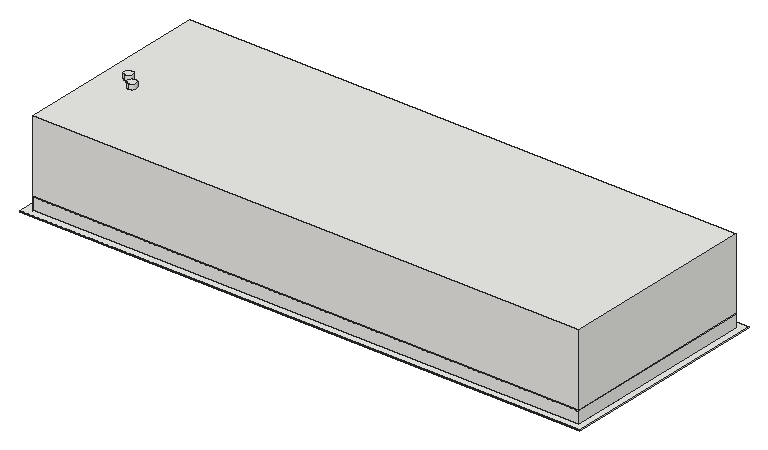
Revit family "AIRTECNICS_AIR CURTAIN_RECESSED WINDBOX_MG_WATER HEATED (P)_0", category Mechanical Equipment, Revit 2016 (continued)
Definition of nested family "GEOM_WINDBOX_P_RECESSED"
  Automatic sketch dimensions
    Extrusion 11 sketch curve to plane 4 = 0.0 mm
    Extrusion 11 sketch curve to plane 8 = 10.0 mm
    Extrusion 12 sketch curve to plane 24 = 0.0 mm
    Extrusion 12 sketch curve to plane 4 = 0.0 mm
    Extrusion 12 sketch curve to plane 7 = 0.0 mm
    Extrusion 12 sketch curve to plane 7 = 10.0 mm
    Sweep 19 sketch curve to profile plane = 0.0 mm
    Sweep 19 sketch curve to Sweep 19 sketch curve = 0.0 mm  (x2)
    plane 24 to Extrusion 20 sketch curve = 20.494 mm  (x2)
    Extrusion 20 sketch curve to plane 11 = 41.908 mm
    plane 24 to Extrusion 20 sketch curve = 1.964 mm  (x6)
    Extrusion 20 sketch curve to Extrusion 20 sketch curve = 3.179 mm
    Extrusion 20 sketch curve to Extrusion 20 sketch curve = 1.478 mm  (x3)
    Extrusion 20 sketch curve to Extrusion 20 sketch curve = 4.657 mm  (x5)
    Extrusion 20 sketch curve to Extrusion 20 sketch curve = 16.188 mm
    Extrusion 20 sketch curve to plane 11 = 13.228 mm
    plane 11 to Extrusion 20 sketch curve = 9.843 mm
    plane 11 to Extrusion 20 sketch curve = 13.022 mm
    Extrusion 20 sketch curve to Extrusion 20 sketch curve = 0.254 mm  (x3)
    Extrusion 20 sketch curve to Extrusion 20 sketch curve = 18.53 mm
    Extrusion 20 sketch curve to Extrusion 20 sketch curve = 0.0 mm
    Extrusion 20 sketch curve to Extrusion 20 sketch curve = 0.799 mm  (x3)
    plane 1 "Centro (Frontal/Posterior)" to Extrusion 24 sketch curve = 21.764 mm
    Extrusion 24 sketch curve to plane 11 = 43.471 mm
    plane 24 to Extrusion 24 sketch curve = 3.073 mm
    Extrusion 24 sketch curve to Extrusion 24 sketch curve = 3.028 mm
    Extrusion 24 sketch curve to Extrusion 24 sketch curve = 3.961 mm
    Extrusion 24 sketch curve to Extrusion 24 sketch curve = 2.97 mm
    plane 24 to Extrusion 24 sketch curve = 0.496 mm
    Extrusion 24 sketch curve to plane 11 = 11.527 mm
    Extrusion 24 sketch curve to plane 11 = 9.49 mm
    plane 24 to Extrusion 24 sketch curve = 3.107 mm
    Extrusion 24 sketch curve to Extrusion 24 sketch curve = 2.975 mm
    Extrusion 24 sketch curve to Extrusion 24 sketch curve = 0.557 mm
    Extrusion 24 sketch curve to Extrusion 24 sketch curve = 4.0 mm
    Extrusion 24 sketch curve to Extrusion 24 sketch curve = 3.966 mm
    Extrusion 24 sketch curve to Extrusion 24 sketch curve = 0.0 mm  (x2)
    plane 1 "Centro (Frontal/Posterior)" to Extrusion 45 sketch curve = 21.764 mm
    Extrusion 45 sketch curve to plane 11 = 43.471 mm
    plane 24 to Extrusion 45 sketch curve = 3.073 mm
    Extrusion 45 sketch curve to Extrusion 45 sketch curve = 3.028 mm
    Extrusion 45 sketch curve to Extrusion 45 sketch curve = 3.961 mm
    Extrusion 45 sketch curve to Extrusion 45 sketch curve = 2.97 mm
    plane 24 to Extrusion 45 sketch curve = 0.496 mm
    Extrusion 45 sketch curve to plane 11 = 11.527 mm
    Extrusion 45 sketch curve to plane 11 = 9.49 mm
    plane 24 to Extrusion 45 sketch curve = 3.107 mm
    Extrusion 45 sketch curve to Extrusion 45 sketch curve = 2.975 mm
    Extrusion 45 sketch curve to Extrusion 45 sketch curve = 0.557 mm
    Extrusion 45 sketch curve to Extrusion 45 sketch curve = 4.0 mm
    Extrusion 45 sketch curve to Extrusion 45 sketch curve = 3.966 mm
    Extrusion 45 sketch curve to Extrusion 45 sketch curve = 0.0 mm  (x2)
    Extrusion 46 sketch curve to Extrusion 46 sketch curve = 0.0 mm  (x40)
    level to Extrusion 46 sketch curve = 0.881 mm  (x10)
    plane 20 to Extrusion 46 sketch curve = 4.0 mm
    plane 24 to Extrusion 46 sketch curve = 0.179 mm  (x10)
    Extrusion 46 sketch curve to Extrusion 46 sketch curve = 0.07 mm  (x10)
    plane 20 to Extrusion 46 sketch curve = 4.744 mm
    plane 24 to Extrusion 46 sketch curve = 2.811 mm  (x10)
    Extrusion 46 sketch curve to plane 13 = 7.561 mm
    plane 24 to Extrusion 46 sketch curve = 1.787 mm  (x10)
    plane 13 to Extrusion 46 sketch curve = 6.25 mm
    plane 13 to Extrusion 46 sketch curve = 6.4 mm
    Extrusion 46 sketch curve to Extrusion 46 sketch curve = 0.594 mm  (x8)
    Extrusion 46 sketch curve to Extrusion 46 sketch curve = 0.8 mm  (x12)
    plane 13 to Extrusion 46 sketch curve = 7.7 mm
    Extrusion 46 sketch curve to Extrusion 46 sketch curve = 1.007 mm  (x8)
    Extrusion 46 sketch curve to Extrusion 46 sketch curve = 1.3 mm  (x8)
    Extrusion 46 sketch curve to Extrusion 46 sketch curve = 8.369 mm  (x9)
    Extrusion 46 sketch curve to Extrusion 46 sketch curve = 13.01 mm  (x7)
    Extrusion 46 sketch curve to Extrusion 46 sketch curve = 0.08 mm  (x7)
    plane 24 to Extrusion 46 sketch curve = 14.344 mm  (x9)
    plane 24 to Extrusion 46 sketch curve = 13.319 mm  (x9)
    Extrusion 46 sketch curve to Extrusion 46 sketch curve = 0.5 mm  (x2)
    Extrusion 46 sketch curve to Extrusion 46 sketch curve = 13.961 mm  (x2)
    Extrusion 46 sketch curve to Extrusion 46 sketch curve = 0.999 mm
    Extrusion 46 sketch curve to Extrusion 46 sketch curve = 1.743 mm
    Extrusion 46 sketch curve to Extrusion 46 sketch curve = 0.658 mm
    Extrusion 46 sketch curve to Extrusion 46 sketch curve = 8.732 mm  (x10)
    plane 7 to Extrusion 47 sketch curve = 2.0 mm
    plane 8 to Extrusion 47 sketch curve = 2.0 mm
    plane 20 to Extrusion 47 sketch curve = 1.976 mm
    Extrusion 47 sketch curve to plane 5 = 486.1 mm
    Extrusion 2 sketch curve to plane 11 = 55.1 mm
    plane 7 to Extrusion 21 sketch curve = 1.0 mm
    plane 8 to Extrusion 21 sketch curve = 1.0 mm
    Extrusion 5 sketch curve to plane 3 "Centro (Izquierda/Derecha)" = 0.0 mm
    Extrusion 5 sketch curve to plane 11 = 0.0 mm
    plane 1 "Centro (Frontal/Posterior)" to Extrusion 23 sketch curve = 4.0 mm
    Extrusion 23 sketch curve to plane 11 = 42.0 mm
    Extrusion 25 sketch curve to plane 11 = 43.471 mm
    plane 24 to Extrusion 25 sketch curve = 0.496 mm
    Extrusion 26 sketch curve to plane 11 = 43.471 mm
    plane 24 to Extrusion 26 sketch curve = 0.496 mm
    Extrusion 18 sketch curve to plane 7 = 25.0 mm
    Extrusion 16 sketch curve to plane 17 "P2-01" = 0.0 mm
    Extrusion 16 sketch curve to plane 19 "P2-03" = 0.0 mm
    Extrusion 17 sketch curve to plane 14 = 0.0 mm
    Extrusion 17 sketch curve to plane 15 "P1-01" = 0.0 mm
Types (16, lengths in mm): name | Weight | Water Flow Connector | Water Drop Pressure | Water Coil Volume | Product Size | Product Reference | Product Description | Power Fans Factor | Power Fans | Noise Level (dB(A)) | M | Length | Heating Capacity | G | EC | Current Fans | L | CT | CM | Apparent Load | Airflow
  WINDBOX RM 2500 P | 153.00 kg | 1.2 m³/h | 3810.0 Pa | 2.6 L | "2500" | "RM 2500 P86" | "Self-supporting casing construction made of galvanized steel plate, ready to be installed recessed in a false ceiling. \r\nInlet grille (free of maintenance) made with aluminium profiles and blow-out nozzle, integrated in a single white frame colour RAL 9016. Other colours are available on request. \r\nAnodized aluminium outlet vanes, airfoil shaped, adjustable in both directions.\r\nDouble-inlet centrifugal fans driven by an external rotor motor and low noise level. 5-speed selector. \r\n“P” type with water heated coil. \r\nIncludes Plug&Play control with 7m RJ45 cable and infrared remote control. Optional: Clever control (programmable, automatic, intelligent, energy saving, Modbus RTU for BMS…)\r\nAir Volume: 4150 m3/h \r\nFans:  1,07 kW  4,75 A 230Vx1 50Hz\r\nHeating power: 26,92 kW (80/60ºC)\r\nDimensions: 770x310x2550 mm (depth, height, length)" | 0.98 | 1.07 kW | 59 | yes | 2550.0 | 26.92 kW | no | no | 4.75 A | 2500.0 | 16 | 2 | 541 VA | 4150 m³/h
  WINDBOX RM 2000 P | 122.00 kg | 0.9 m³/h | 1930.0 Pa | 2.1 L | "2000" | "RM 2000 P86" | "Self-supporting casing construction made of galvanized steel plate, ready to be installed recessed in a false ceiling. \r\nInlet grille (free of maintenance) made with aluminium profiles and blow-out nozzle, integrated in a single white frame colour RAL 9016. Other colours are available on request. \r\nAnodized aluminium outlet vanes, airfoil shaped, adjustable in both directions.\r\nDouble-inlet centrifugal fans driven by an external rotor motor and low noise level. 5-speed selector. \r\n“P” type with water heated coil. \r\nIncludes Plug&Play control with 7m RJ45 cable and infrared remote control. Optional: Clever control (programmable, automatic, intelligent, energy saving, Modbus RTU for BMS…)\r\nAir Volume: 3320 m3/h \r\nFans:  0,856 kW  3,8 A 230Vx1 50Hz\r\nHeating power: 20,65 kW (80/60ºC)\r\nDimensions: 770x310x2050 mm (depth, height, length)" | 0.98 | 0.856 kW | 58 | yes | 2050.0 | 20.65 kW | no | no | 3.8 A | 2000.0 | 8 | 2 | 433 VA | 3320 m³/h
  WINDBOX RM 1500 P | 93.00 kg | 0.6 m³/h | 760.0 Pa | 1.5 L | "1500" | "RM 1500 P86" | "Self-supporting casing construction made of galvanized steel plate, ready to be installed recessed in a false ceiling. \r\nInlet grille (free of maintenance) made with aluminium profiles and blow-out nozzle, integrated in a single white frame colour RAL 9016. Other colours are available on request. \r\nAnodized aluminium outlet vanes, airfoil shaped, adjustable in both directions.\r\nDouble-inlet centrifugal fans driven by an external rotor motor and low noise level. 5-speed selector. \r\n“P” type with water heated coil. \r\nIncludes Plug&Play control with 7m RJ45 cable and infrared remote control. Optional: Clever control (programmable, automatic, intelligent, energy saving, Modbus RTU for BMS…)\r\nAir Volume: 2490 m3/h \r\nFans:  0,642 kW  2,85 A 230Vx1 50Hz\r\nHeating power: 14,26 kW (80/60ºC)\r\nDimensions: 770x310x1550 mm (depth, height, length)" | 0.98 | 0.642 kW | 57 | yes | 1550.0 | 14.26 kW | no | no | 2.85 A | 1500.0 | 4 | 2 | 324 VA | 2490 m³/h
  WINDBOX RM 1000 P | 63.00 kg | 0.4 m³/h | 880.0 Pa | 0.9 L | "1000" | "RM 1000 P86" | "Self-supporting casing construction made of galvanized steel plate, ready to be installed recessed in a false ceiling. \r\nInlet grille (free of maintenance) made with aluminium profiles and blow-out nozzle, integrated in a single white frame colour RAL 9016. Other colours are available on request. \r\nAnodized aluminium outlet vanes, airfoil shaped, adjustable in both directions.\r\nDouble-inlet centrifugal fans driven by an external rotor motor and low noise level. 5-speed selector. \r\n“P” type with water heated coil. \r\nIncludes Plug&Play control with 7m RJ45 cable and infrared remote control. Optional: Clever control (programmable, automatic, intelligent, energy saving, Modbus RTU for BMS…)\r\nAir Volume: 1660 m3/h \r\nFans:  0,428 kW  1,9 A 230Vx1 50Hz\r\nHeating power: 9,17 kW (80/60ºC)\r\nDimensions: 770x310x1050 mm (depth, height, length)" | 0.98 | 0.428 kW | 56 | yes | 1050.0 | 9.17 kW | no | no | 1.9 A | 1000.0 | 2 | 2 | 216 VA | 1660 m³/h
  WINDBOX RG 2500 P | 163.00 kg | 1.4 m³/h | 4930.0 Pa | 2.6 L | "2500" | "RG 2500 P86" | "Self-supporting casing construction made of galvanized steel plate, ready to be installed recessed in a false ceiling. \r\nInlet grille (free of maintenance) made with aluminium profiles and blow-out nozzle, integrated in a single white frame colour RAL 9016. Other colours are available on request. \r\nAnodized aluminium outlet vanes, airfoil shaped, adjustable in both directions.\r\nDouble-inlet centrifugal fans driven by an external rotor motor and low noise level. 5-speed selector. \r\n“P” type with water heated coil. \r\nIncludes Plug&Play control with 7m RJ45 cable and infrared remote control. Optional: Clever control (programmable, automatic, intelligent, energy saving, Modbus RTU for BMS…)\r\nAir Volume: 5250 m3/h \r\nFans:  1,498 kW  6,65 A 230Vx1 50Hz\r\nHeating power: 31,16 kW (80/60ºC)\r\nDimensions: 770x310x2550 mm (depth, height, length)" | 0.98 | 1.498 kW | 60 | no | 2550.0 | 31.16 kW | yes | no | 6.65 A | 2500.0 | 16 | 8 | 1529 VA | 5250 m³/h
  WINDBOX RG 2000 P | 131.00 kg | 1.1 m³/h | 2700.0 Pa | 2.1 L | "2000" | "RG 2000 P86" | "Self-supporting casing construction made of galvanized steel plate, ready to be installed recessed in a false ceiling. \r\nInlet grille (free of maintenance) made with aluminium profiles and blow-out nozzle, integrated in a single white frame colour RAL 9016. Other colours are available on request. \r\nAnodized aluminium outlet vanes, airfoil shaped, adjustable in both directions.\r\nDouble-inlet centrifugal fans driven by an external rotor motor and low noise level. 5-speed selector. \r\n“P” type with water heated coil. \r\nIncludes Plug&Play control with 7m RJ45 cable and infrared remote control. Optional: Clever control (programmable, automatic, intelligent, energy saving, Modbus RTU for BMS…)\r\nAir Volume: 4500 m3/h \r\nFans:  1,284 kW  5,7 A 230Vx1 50Hz\r\nHeating power: 24,92 kW (80/60ºC)\r\nDimensions: 770x310x2050 mm (depth, height, length)" | 0.98 | 1.284 kW | 59 | no | 2050.0 | 24.92 kW | yes | no | 5.7 A | 2000.0 | 8 | 8 | 1310 VA | 4500 m³/h
  WINDBOX RG 1500 P | 98.00 kg | 0.7 m³/h | 940.0 Pa | 1.5 L | "1500" | "RG 1500 P86" | "Self-supporting casing construction made of galvanized steel plate, ready to be installed recessed in a false ceiling. \r\nInlet grille (free of maintenance) made with aluminium profiles and blow-out nozzle, integrated in a single white frame colour RAL 9016. Other colours are available on request. \r\nAnodized aluminium outlet vanes, airfoil shaped, adjustable in both directions.\r\nDouble-inlet centrifugal fans driven by an external rotor motor and low noise level. 5-speed selector. \r\n“P” type with water heated coil. \r\nIncludes Plug&Play control with 7m RJ45 cable and infrared remote control. Optional: Clever control (programmable, automatic, intelligent, energy saving, Modbus RTU for BMS…)\r\nAir Volume: 3000 m3/h \r\nFans:  0,856 kW  3,8 A 230Vx1 50Hz\r\nHeating power: 16,02 kW (80/60ºC)\r\nDimensions: 770x310x1550 mm (depth, height, length)" | 0.98 | 0.856 kW | 58 | no | 1550.0 | 16.02 kW | yes | no | 3.8 A | 1500.0 | 4 | 8 | 873 VA | 3000 m³/h
  WINDBOX RG 1000 P | 67.00 kg | 0.5 m³/h | 1230.0 Pa | 0.9 L | "1000" | "RG 1000 P86" | "Self-supporting casing construction made of galvanized steel plate, ready to be installed recessed in a false ceiling. \r\nInlet grille (free of maintenance) made with aluminium profiles and blow-out nozzle, integrated in a single white frame colour RAL 9016. Other colours are available on request. \r\nAnodized aluminium outlet vanes, airfoil shaped, adjustable in both directions.\r\nDouble-inlet centrifugal fans driven by an external rotor motor and low noise level. 5-speed selector. \r\n“P” type with water heated coil. \r\nIncludes Plug&Play control with 7m RJ45 cable and infrared remote control. Optional: Clever control (programmable, automatic, intelligent, energy saving, Modbus RTU for BMS…)\r\nAir Volume: 2250 m3/h \r\nFans:  0,642 kW  2,85 A 230Vx1 50Hz\r\nHeating power: 11,04 kW (80/60ºC)\r\nDimensions: 770x310x1050 mm (depth, height, length)" | 0.98 | 0.642 kW | 57 | no | 1050.0 | 11.04 kW | yes | no | 2.85 A | 1000.0 | 2 | 8 | 655 VA | 2250 m³/h
  WINDBOX RECM 2500 P | 153.00 kg | 1.2 m³/h | 3960.0 Pa | 2.6 L | "2500" | "RECM 2500 P86" | "Self-supporting casing construction made of galvanized steel plate, ready to be installed recessed in a false ceiling. \r\nInlet grille (free of maintenance) made with aluminium profiles and blow-out nozzle, integrated in a single white frame colour RAL 9016. Other colours are available on request. \r\nAnodized aluminium outlet vanes, airfoil shaped, adjustable in both directions.\r\nDouble-inlet centrifugal fans driven by an external rotor motor and low noise level. 5-speed selector. EC models assembled with very low consumption efficiency fans. \r\n“P” type with water heated coil. \r\nIncludes Plug&Play control with 7m RJ45 cable and infrared remote control. Optional: Clever control (programmable, automatic, intelligent, energy saving, Modbus RTU for BMS…)\r\nAir Volume: 4300 m3/h \r\nFans:  0,355 kW  3,1 A 230Vx1 50/60Hz\r\nHeating power: 27,53 kW (80/60ºC)\r\nDimensions: 770x310x2550 mm (depth, height, length)" | 0.98 | 0.355 kW | 59 | yes | 2550.0 | 27.53 kW | no | yes | 3.1 A | 2500.0 | 16 | 6 | 710 VA | 4300 m³/h
  WINDBOX RECM 2000 P | 122.00 kg | 0.9 m³/h | 2010.0 Pa | 2.1 L | "2000" | "RECM 2000 P86" | "Self-supporting casing construction made of galvanized steel plate, ready to be installed recessed in a false ceiling. \r\nInlet grille (free of maintenance) made with aluminium profiles and blow-out nozzle, integrated in a single white frame colour RAL 9016. Other colours are available on request. \r\nAnodized aluminium outlet vanes, airfoil shaped, adjustable in both directions.\r\nDouble-inlet centrifugal fans driven by an external rotor motor and low noise level. 5-speed selector. EC models assembled with very low consumption efficiency fans. \r\n“P” type with water heated coil. \r\nIncludes Plug&Play control with 7m RJ45 cable and infrared remote control. Optional: Clever control (programmable, automatic, intelligent, energy saving, Modbus RTU for BMS…)\r\nAir Volume: 3440 m3/h \r\nFans:  0,284 kW  2,48 A 230Vx1 50/60Hz\r\nHeating power: 21,12 kW (80/60ºC)\r\nDimensions: 770x310x2050 mm (depth, height, length)" | 0.98 | 0.284 kW | 58 | yes | 2050.0 | 21.12 kW | no | yes | 2.48 A | 2000.0 | 8 | 6 | 568 VA | 3440 m³/h
  WINDBOX RECM 1500 P | 93.00 kg | 0.6 m³/h | 790.0 Pa | 1.5 L | "1500" | "RECM 1500 P86" | "Self-supporting casing construction made of galvanized steel plate, ready to be installed recessed in a false ceiling. \r\nInlet grille (free of maintenance) made with aluminium profiles and blow-out nozzle, integrated in a single white frame colour RAL 9016. Other colours are available on request. \r\nAnodized aluminium outlet vanes, airfoil shaped, adjustable in both directions.\r\nDouble-inlet centrifugal fans driven by an external rotor motor and low noise level. 5-speed selector. EC models assembled with very low consumption efficiency fans. \r\n“P” type with water heated coil. \r\nIncludes Plug&Play control with 7m RJ45 cable and infrared remote control. Optional: Clever control (programmable, automatic, intelligent, energy saving, Modbus RTU for BMS…)\r\nAir Volume: 2580 m3/h \r\nFans:  0,213 kW  1,86 A 230Vx1 50/60Hz\r\nHeating power: 14,58 kW (80/60ºC)\r\nDimensions: 770x310x1550 mm (depth, height, length)" | 0.98 | 0.213 kW | 57 | yes | 1550.0 | 14.58 kW | no | yes | 1.86 A | 1500.0 | 4 | 6 | 426 VA | 2580 m³/h
  WINDBOX RECM 1000 P | 63.00 kg | 0.4 m³/h | 920.0 Pa | 0.9 L | "1000" | "RECM 1000 P86" | "Self-supporting casing construction made of galvanized steel plate, ready to be installed recessed in a false ceiling. \r\nInlet grille (free of maintenance) made with aluminium profiles and blow-out nozzle, integrated in a single white frame colour RAL 9016. Other colours are available on request. \r\nAnodized aluminium outlet vanes, airfoil shaped, adjustable in both directions.\r\nDouble-inlet centrifugal fans driven by an external rotor motor and low noise level. 5-speed selector. EC models assembled with very low consumption efficiency fans. \r\n“P” type with water heated coil. \r\nIncludes Plug&Play control with 7m RJ45 cable and infrared remote control. Optional: Clever control (programmable, automatic, intelligent, energy saving, Modbus RTU for BMS…)\r\nAir Volume: 1720 m3/h \r\nFans:  0,142 kW  1,24 A 230Vx1 50/60Hz\r\nHeating power: 9,38 kW (80/60ºC)\r\nDimensions: 770x310x1050 mm (depth, height, length)" | 0.98 | 0.142 kW | 56 | yes | 1050.0 | 9.38 kW | no | yes | 1.24 A | 1000.0 | 2 | 6 | 145 VA | 1720 m³/h
  WINDBOX RECG 2500 P | 163.00 kg | 1.5 m³/h | 5650.0 Pa | 2.6 L | "2500" | "RECG 2500 P86" | "Self-supporting casing construction made of galvanized steel plate, ready to be installed recessed in a false ceiling. \r\nInlet grille (free of maintenance) made with aluminium profiles and blow-out nozzle, integrated in a single white frame colour RAL 9016. Other colours are available on request. \r\nAnodized aluminium outlet vanes, airfoil shaped, adjustable in both directions.\r\nDouble-inlet centrifugal fans driven by an external rotor motor and low noise level. 5-speed selector. EC models assembled with very low consumption efficiency fans. \r\n“P” type with water heated coil. \r\nIncludes Plug&Play control with 7m RJ45 cable and infrared remote control. Optional: Clever control (programmable, automatic, intelligent, energy saving, Modbus RTU for BMS…)\r\nAir Volume: 5950 m3/h \r\nFans:  0,497 kW  4,34 A 230Vx1 50/60Hz\r\nHeating power: 33,63 kW (80/60ºC)\r\nDimensions: 770x310x2550 mm (depth, height, length)" | 0.5 | 0.497 kW | 64 | no | 2550.0 | 33.63 kW | yes | yes | 4.34 A | 2500.0 | 16 | 12 | 994 VA | 5950 m³/h
  WINDBOX RECG 2000 P | 131.00 kg | 1.2 m³/h | 3080.0 Pa | 2.1 L | "2000" | "RECG 2000 P86" | "Self-supporting casing construction made of galvanized steel plate, ready to be installed recessed in a false ceiling. \r\nInlet grille (free of maintenance) made with aluminium profiles and blow-out nozzle, integrated in a single white frame colour RAL 9016. Other colours are available on request. \r\nAnodized aluminium outlet vanes, airfoil shaped, adjustable in both directions.\r\nDouble-inlet centrifugal fans driven by an external rotor motor and low noise level. 5-speed selector. EC models assembled with very low consumption efficiency fans. \r\n“P” type with water heated coil. \r\nIncludes Plug&Play control with 7m RJ45 cable and infrared remote control. Optional: Clever control (programmable, automatic, intelligent, energy saving, Modbus RTU for BMS…)\r\nAir Volume: 5100 m3/h \r\nFans:  0,426 kW  3,72 A 230Vx1 50/60Hz\r\nHeating power: 26,86 kW (80/60ºC)\r\nDimensions: 770x310x2050 mm (depth, height, length)" | 0.5 | 0.426 kW | 63 | no | 2050.0 | 26.86 kW | yes | yes | 3.72 A | 2000.0 | 8 | 12 | 852 VA | 5100 m³/h
  WINDBOX RECG 1500 P | 98.00 kg | 0.8 m³/h | 1070.0 Pa | 1.5 L | "1500" | "RECG 1500 P86" | "Self-supporting casing construction made of galvanized steel plate, ready to be installed recessed in a false ceiling. \r\nInlet grille (free of maintenance) made with aluminium profiles and blow-out nozzle, integrated in a single white frame colour RAL 9016. Other colours are available on request. \r\nAnodized aluminium outlet vanes, airfoil shaped, adjustable in both directions.\r\nDouble-inlet centrifugal fans driven by an external rotor motor and low noise level. 5-speed selector. EC models assembled with very low consumption efficiency fans. \r\n“P” type with water heated coil. \r\nIncludes Plug&Play control with 7m RJ45 cable and infrared remote control. Optional: Clever control (programmable, automatic, intelligent, energy saving, Modbus RTU for BMS…)\r\nAir Volume: 3400 m3/h \r\nFans:  0,284 kW  2,48 A 230Vx1 50/60Hz\r\nHeating power: 17,29 kW (80/60ºC)\r\nDimensions: 770x310x1550 mm (depth, height, length)" | 0.5 | 0.284 kW | 62 | no | 1550.0 | 17.29 kW | yes | yes | 2.48 A | 1500.0 | 4 | 12 | 568 VA | 3400 m³/h
  WINDBOX RECG 1000 P | 67.00 kg | 0.5 m³/h | 1400.0 Pa | 0.9 L | "1000" | "RECG 1000 P86" | "Self-supporting casing construction made of galvanized steel plate, ready to be installed recessed in a false ceiling. \r\nInlet grille (free of maintenance) made with aluminium profiles and blow-out nozzle, integrated in a single white frame colour RAL 9016. Other colours are available on request. \r\nAnodized aluminium outlet vanes, airfoil shaped, adjustable in both directions.\r\nDouble-inlet centrifugal fans driven by an external rotor motor and low noise level. 5-speed selector. EC models assembled with very low consumption efficiency fans. \r\n“P” type with water heated coil. \r\nIncludes Plug&Play control with 7m RJ45 cable and infrared remote control. Optional: Clever control (programmable, automatic, intelligent, energy saving, Modbus RTU for BMS…)\r\nAir Volume: 2550 m3/h \r\nFans:  0,213 kW  1,86 A 230Vx1 50/60Hz\r\nHeating power: 11,89 kW (80/60ºC)\r\nDimensions: 770x310x1050 mm (depth, height, length)" | 0.5 | 0.213 kW | 61 | no | 1050.0 | 11.89 kW | yes | yes | 1.86 A | 1000.0 | 2 | 12 | 217 VA | 2550 m³/h
